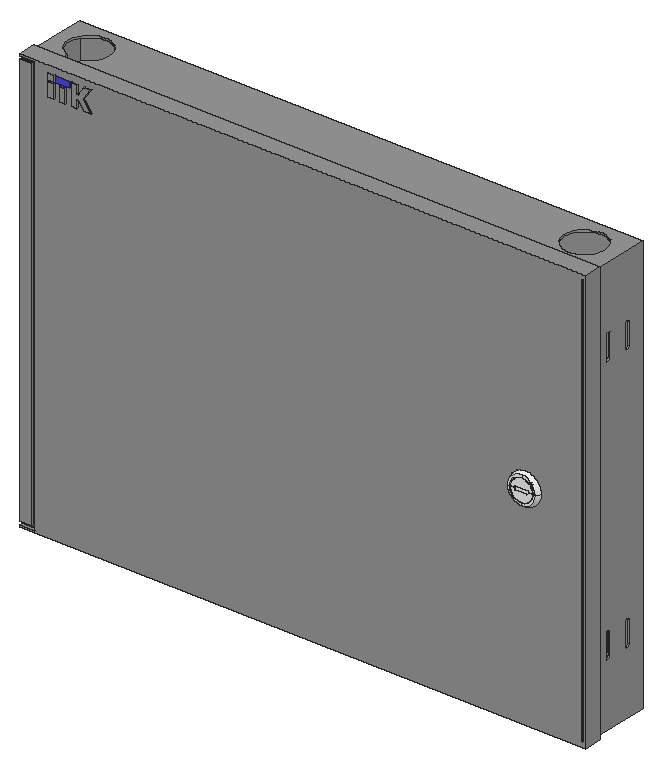
Revit family "ITK_Кросс оптический_Настенный монтаж_IP22", category Обобщенные модели, Revit 2019 (continued)
Automatic sketch dimensions
  Extrusion 44 sketch curve to plane 1 "По центру (Вперед/Назад)" = 17.904 mm
  Extrusion 44 sketch curve to Extrusion 44 sketch curve = 12.182 mm
  plane 4 to Revolve 45 sketch curve = 52.1 mm
  Revolve 45 sketch curve to Revolve 45 sketch curve = 1.028 mm
  Revolve 45 sketch curve to Revolve 45 sketch curve = 0.597 mm
  Revolve 45 sketch curve to Revolve 45 sketch curve = 12.175 mm
  Revolve 45 sketch curve to plane 1 "По центру (Вперед/Назад)" = 28.217 mm
  Revolve 45 sketch curve to Revolve 45 sketch curve = 0.89 mm  (x2)
  Revolve 45 sketch curve to Revolve 45 sketch curve = 1.001 mm
  Revolve 45 sketch curve to Revolve 45 sketch curve = 3.42 mm
  Revolve 45 sketch curve to Revolve 45 sketch curve = 3.711 mm
  Revolve 45 sketch curve to Revolve 45 sketch curve = 1.873 mm
  Revolve 46 sketch curve to plane 1 "По центру (Вперед/Назад)" = 18.932 mm
  plane 4 to Revolve 46 sketch curve = 52.1 mm
  Revolve 46 sketch curve to Revolve 46 sketch curve = 1.028 mm
  Revolve 46 sketch curve to Revolve 46 sketch curve = 0.597 mm
  Revolve 46 sketch curve to Revolve 46 sketch curve = 12.175 mm
  Revolve 46 sketch curve to Revolve 46 sketch curve = 0 mm
  Revolve 46 sketch curve to Revolve 46 sketch curve = 1.001 mm
  Revolve 46 sketch curve to Revolve 46 sketch curve = 0.89 mm
  Revolve 46 sketch curve to Revolve 46 sketch curve = 3.42 mm
  Revolve 46 sketch curve to Revolve 46 sketch curve = 3.711 mm
  Revolve 46 sketch curve to Revolve 46 sketch curve = 1.873 mm
  Extrusion 2 sketch curve to plane 3 "По центру (Влево/Вправо)" = 183.756 mm
  Extrusion 3 sketch curve to plane 3 "По центру (Влево/Вправо)" = 168.725 mm  (x2)
  Extrusion 5 sketch curve to plane 3 "По центру (Влево/Вправо)" = 182.502 mm
  Extrusion 8 sketch curve to plane 3 "По центру (Влево/Вправо)" = 167.6 mm
  Extrusion 8 sketch curve to Extrusion 8 sketch curve = 0 mm
  Extrusion 11 sketch curve to plane 3 "По центру (Влево/Вправо)" = 196 mm
  Extrusion 12 sketch curve to plane 3 "По центру (Влево/Вправо)" = 176.336 mm
  Extrusion 13 sketch curve to plane 3 "По центру (Влево/Вправо)" = 171.027 mm
  Extrusion 1 sketch curve to Extrusion 1 sketch curve = 92 mm
  Extrusion 2 sketch curve to plane 1 "По центру (Вперед/Назад)" = 92 mm
  Extrusion 6 sketch curve to Extrusion 6 sketch curve = 33.037 mm  (x2)
  Extrusion 8 sketch curve to Extrusion 8 sketch curve = 40 mm  (x2)
  Extrusion 11 sketch curve to plane 1 "По центру (Вперед/Назад)" = 52 mm
  Extrusion 2 sketch curve to plane 5 = 39.1 mm
  Extrusion 4 sketch curve to plane 5 = 37.709 mm
  Extrusion 4 sketch curve to Extrusion 4 sketch curve = 3.221 mm
  Extrusion 5 sketch curve to plane 5 = 42 mm
  Extrusion 11 sketch curve to plane 5 = 42.15 mm
  radius of Extrusion 6 sketch curve = 2.063 mm  (x8)
  radius of Extrusion 8 sketch curve = 14.012 mm  (x3)
  radius of Extrusion 10 sketch curve = 7.61 mm
  radius of Extrusion 10 sketch curve = 8.122 mm
  radius of Extrusion 14 sketch curve = 3.75 mm  (x2)
Nested families
  nested 1: "Корпус 52" at (0, 0, 0), visible <- "Корпус 52", type "Корпус 52", detail levels fine
  nested 2: "Корпус 45" at (0, 0, 0), visible <- "Корпус 45", type "Корпус 45", detail levels fine
Definition of nested family "Корпус 52"
  Parameters
    Корпус 94 = yes
  Reference planes
    plane 1 "По центру (Вперед/Назад)": y = 0
    plane 2: z = 0
    plane 3 "По центру (Влево/Вправо)": x = 0
    plane 4: z = 147.95
  Forms (mm)
    Extrusion 1, solid, detail levels fine
      sketch origin (0, 0, 0) x (0, 1, 0) y (0, 0, 1)
        loop
          line (1.2, 291.7) -> (1.2, 290) -> (0, 290) -> (0, 3.4) -> (1.2, 3.4) -> (1.2, 1.7) -> (51.2, 1.7) -> (51.2, 291.7) -> (1.2, 291.7)
      from -195 to 195
    Extrusion 2, void
      sketch origin (0, 0, 0) x (1, 0, 0) y (0, 1, 0)
        loop
          line (-193.8, 50) -> (-193.8, 1.2) -> (-187, 1.2) -> (-187, 0) -> (193.8, 0) -> (193.8, 1.2) -> (193.8, 50) -> (48.8, 50) -> (-193.8, 50)
      from 2.9 to 290.5
    Extrusion 3, void
      sketch origin (0, 0, 0) x (1, 0, 0) y (0, 1, 0)
        loop
          line (-176.25, 17.196) -> (-176.25, 12) -> (-166.75, 12) -> (-166.75, 17.196)
          arc (-166.75, 17.196) -> (-171.5, 44.7) -> (-176.25, 17.196) r 14.162
        loop
          circle (171.5, 30.538) r 14.162
      from 0 to 293.4
    Extrusion 4, void
      sketch origin (0, 0, 0) x (0, 1, 0) y (0, 0, 1)
        loop
          line (14.7, 252.7) -> (14.7, 242.2)
          arc (14.7, 242.2) -> (15.286, 240.786) -> (16.7, 240.2) r 2
          arc (16.7, 240.2) -> (18.114, 240.786) -> (18.7, 242.2) r 2
          line (18.7, 242.2) -> (18.7, 252.7)
          arc (18.7, 252.7) -> (16.7, 254.7) -> (14.7, 252.7) r 2
        loop
          line (36.2, 252.7) -> (36.2, 242.2)
          arc (36.2, 242.2) -> (36.786, 240.786) -> (38.2, 240.2) r 2
          arc (38.2, 240.2) -> (39.614, 240.786) -> (40.2, 242.2) r 2
          line (40.2, 242.2) -> (40.2, 252.7)
          arc (40.2, 252.7) -> (38.2, 254.7) -> (36.2, 252.7) r 2
        loop
          line (36.2, 212.2) -> (36.2, 201.7)
          arc (36.2, 201.7) -> (36.786, 200.286) -> (38.2, 199.7) r 2
          arc (38.2, 199.7) -> (39.614, 200.286) -> (40.2, 201.7) r 2
          line (40.2, 201.7) -> (40.2, 212.2)
          arc (40.2, 212.2) -> (38.2, 214.2) -> (36.2, 212.2) r 2
        loop
          line (14.7, 212.2) -> (14.7, 201.7)
          arc (14.7, 201.7) -> (15.286, 200.286) -> (16.7, 199.7) r 2
          arc (16.7, 199.7) -> (18.114, 200.286) -> (18.7, 201.7) r 2
          line (18.7, 201.7) -> (18.7, 212.2)
          arc (18.7, 212.2) -> (16.7, 214.2) -> (14.7, 212.2) r 2
        loop
          circle (36.72, 163.894) r 2.022
        loop
          circle (22.151, 163.894) r 2.022
        loop
          arc (14.7, 40.715) -> (16.7, 38.715) -> (18.7, 40.715) r 2
          line (18.7, 40.715) -> (18.7, 51.215)
          arc (18.7, 51.215) -> (18.114, 52.629) -> (16.7, 53.215) r 2
          arc (16.7, 53.215) -> (15.286, 52.629) -> (14.7, 51.215) r 2
          line (14.7, 51.215) -> (14.7, 40.715)
        loop
          arc (36.2, 40.715) -> (38.2, 38.715) -> (40.2, 40.715) r 2
          line (40.2, 40.715) -> (40.2, 51.215)
          arc (40.2, 51.215) -> (39.614, 52.629) -> (38.2, 53.215) r 2
          arc (38.2, 53.215) -> (36.786, 52.629) -> (36.2, 51.215) r 2
          line (36.2, 51.215) -> (36.2, 40.715)
        loop
          arc (36.2, 81.215) -> (38.2, 79.215) -> (40.2, 81.215) r 2
          line (40.2, 81.215) -> (40.2, 91.715)
          arc (40.2, 91.715) -> (39.614, 93.129) -> (38.2, 93.715) r 2
          arc (38.2, 93.715) -> (36.786, 93.129) -> (36.2, 91.715) r 2
          line (36.2, 91.715) -> (36.2, 81.215)
        loop
          arc (14.7, 81.215) -> (16.7, 79.215) -> (18.7, 81.215) r 2
          line (18.7, 81.215) -> (18.7, 91.715)
          arc (18.7, 91.715) -> (18.114, 93.129) -> (16.7, 93.715) r 2
          arc (16.7, 93.715) -> (15.286, 93.129) -> (14.7, 91.715) r 2
          line (14.7, 91.715) -> (14.7, 81.215)
        loop
          circle (36.72, 129.521) r 2.022
        loop
          circle (22.151, 129.521) r 2.022
      from -195 to -193.8
    Extrusion 5, void
      sketch origin (0, 0, 0) x (0, 1, 0) y (0, 0, 1)
        loop
          arc (40.2, 246.7) -> (38.2, 248.7) -> (36.2, 246.7) r 2
          line (36.2, 246.7) -> (36.2, 231.7)
          arc (36.2, 231.7) -> (38.2, 229.7) -> (40.2, 231.7) r 2
          line (40.2, 231.7) -> (40.2, 246.7)
        loop
          arc (23.2, 246.7) -> (21.2, 248.7) -> (19.2, 246.7) r 2
          line (19.2, 246.7) -> (19.2, 231.7)
          arc (19.2, 231.7) -> (21.2, 229.7) -> (23.2, 231.7) r 2
          line (23.2, 231.7) -> (23.2, 246.7)
        loop
          arc (40.2, 61.7) -> (38.2, 63.7) -> (36.2, 61.7) r 2
          line (36.2, 61.7) -> (36.2, 46.7)
          arc (36.2, 46.7) -> (38.2, 44.7) -> (40.2, 46.7) r 2
          line (40.2, 46.7) -> (40.2, 61.7)
        loop
          arc (23.2, 61.7) -> (21.2, 63.7) -> (19.2, 61.7) r 2
          line (19.2, 61.7) -> (19.2, 46.7)
          arc (19.2, 46.7) -> (21.2, 44.7) -> (23.2, 46.7) r 2
          line (23.2, 46.7) -> (23.2, 61.7)
      from 193.8 to 195
    Extrusion 6, solid
      sketch origin (0, 0, 0) x (1, 0, 0) y (0, 0, 1)
        loop
          line (196.7, 293.4) -> (-195, 293.4) -> (-195, 292.2) -> (-185, 292.2) -> (-185, 1.2) -> (-195, 1.2) -> (-195, 0) -> (196.7, 0) -> (196.7, 293.4)
      from -12 to 0
    Extrusion 7, void
      sketch origin (0, 0, 0) x (1, 0, 0) y (0, 0, 1)
        loop
          line (167.875, 263.825) -> (167.875, 251.948)
          arc (167.875, 251.948) -> (165.959, 250.197) -> (165.25, 247.7) r 4.75
          arc (165.25, 247.7) -> (170, 242.95) -> (174.75, 247.7) r 4.75
          arc (174.75, 247.7) -> (174.041, 250.197) -> (172.125, 251.948) r 4.75
          line (172.125, 251.948) -> (172.125, 263.825)
          arc (172.125, 263.825) -> (170, 265.95) -> (167.875, 263.825) r 2.125
        loop
          line (-172.125, 263.825) -> (-172.125, 251.948)
          arc (-172.125, 251.948) -> (-174.041, 250.197) -> (-174.75, 247.7) r 4.75
          arc (-174.75, 247.7) -> (-170, 242.95) -> (-165.25, 247.7) r 4.75
          arc (-165.25, 247.7) -> (-165.959, 250.197) -> (-167.875, 251.948) r 4.75
          line (-167.875, 251.948) -> (-167.875, 263.825)
          arc (-167.875, 263.825) -> (-170, 265.95) -> (-172.125, 263.825) r 2.125
        loop
          line (167.875, 41.452) -> (167.875, 29.575)
          arc (167.875, 29.575) -> (170, 27.45) -> (172.125, 29.575) r 2.125
          line (172.125, 29.575) -> (172.125, 41.452)
          arc (172.125, 41.452) -> (174.041, 43.203) -> (174.75, 45.7) r 4.75
          arc (174.75, 45.7) -> (170, 50.45) -> (165.25, 45.7) r 4.75
          arc (165.25, 45.7) -> (165.959, 43.203) -> (167.875, 41.452) r 4.75
        loop
          line (-172.125, 41.452) -> (-172.125, 29.575)
          arc (-172.125, 29.575) -> (-170, 27.45) -> (-167.875, 29.575) r 2.125
          line (-167.875, 29.575) -> (-167.875, 41.452)
          arc (-167.875, 41.452) -> (-165.959, 43.203) -> (-165.25, 45.7) r 4.75
          arc (-165.25, 45.7) -> (-170, 50.45) -> (-174.75, 45.7) r 4.75
          arc (-174.75, 45.7) -> (-174.041, 43.203) -> (-172.125, 41.452) r 4.75
      from -51.2 to -50
    Revolve 8, solid, visible <- "Корпус 94", detail levels fine
      sketch origin (0.85, 0, 146.7) x (1, 0, 0) y (0, 1, 0)
        loop
          line (144.249, -3) -> (153.85, -3) -> (153.85, 0) -> (142.85, 0) -> (144.249, -3)
        axis (153.85, -3) -> (153.85, 0)
      angle from 0 to 360
    Extrusion 9, void
      sketch origin (0.85, 0, 0) x (1, 0, 0) y (0, 0, 1)
        loop
          line (149.1, 147.95) -> (149.1, 145.45) -> (158.6, 145.45) -> (158.6, 147.95) -> (149.1, 147.95)
        loop
          circle (153.85, 146.7) r 7.61
        loop
          circle (153.85, 146.7) r 8.122
      from 2.8 to 3.773
    Extrusion 10, solid, detail levels fine
      sketch origin (-163.421, 0, 273.695) x (1, 0, 0) y (0, 0, 1)
        loop
          line (-12.079, 9.404) -> (-12.079, 0) -> (-7.968, 0) -> (-7.968, 9.404) -> (-12.079, 9.404)
        loop
          line (0.039, 9.404) -> (-3.833, 9.404) -> (-3.833, 0) -> (0.039, 0) -> (0.039, 9.404)
        loop
          line (-12.079, 10.715) -> (-7.968, 10.715) -> (-7.968, 14.705) -> (-12.079, 14.705) -> (-12.079, 10.715)
        loop
          line (4.261, 14.705) -> (4.261, 0) -> (8.136, 0) -> (8.136, 5.514) -> (9.618, 5.514) -> (13.199, 0) -> (17.921, 0) -> (12.571, 7.364) -> (17.921, 14.705) -> (13.199, 14.705) -> (9.618, 9.191) -> (8.136, 9.191) -> (8.136, 14.705) -> (4.261, 14.705)
      from 0 to 0.554
    Extrusion 11, solid, detail levels fine
      sketch origin (-163.418, 0, 260.141) x (1, 0, 0) y (0, 0, 1)
        loop
          line (-6.771, 28.259) -> (-6.771, 24.27) -> (2.977, 24.27) -> (2.977, 28.259) -> (-6.771, 28.259)
      from 0 to 0.554
  Cuts and joins
    Extrusion 2, Extrusion 3, Extrusion 4, Extrusion 5, Extrusion 7 cuts Extrusion 1
    Extrusion 7 cuts Extrusion 6
    Extrusion 9 cuts Revolve 8
  Dimensions and locks
    aligned and locked: level to plane 2
    aligned and locked: Extrusion 6 sketch curve to level
Definition of nested family "Корпус 45"
  Reference planes
    plane 1 "По центру (Вперед/Назад)": y = 0
    plane 2: z = 0
    plane 3 "По центру (Влево/Вправо)": x = 0
    plane 4: x = 72
    plane 5: z = 105
  Forms (mm)
    Extrusion 1, solid
      sketch origin (0, 0, 0) x (0, 1, 0) y (0, 0, 1)
        loop
          line (2, 185) -> (2, 5) -> (2, 3) -> (45, 3) -> (45, 185) -> (2, 185)
      from -91 to 91
    Extrusion 2, void
      sketch origin (0, 0, 0) x (1, 0, 0) y (0, 1, 0)
        loop
          line (-89, 43) -> (-89, 13) -> (-91, 13) -> (-91, 2) -> (89, 2) -> (89, 43) -> (-89, 43)
      from 5 to 183
    Extrusion 3, void
      sketch origin (0, 0, 0) x (1, 0, 0) y (0, 1, 0)
        loop
          line (-52.1, 37.15) -> (-52.1, 9.85) -> (52.1, 9.85) -> (52.1, 37.15) -> (-52.1, 37.15)
        loop
          circle (-79.777, 30.216) r 7.736
        loop
          circle (-58.18, 23.415) r 3.768
        loop
          circle (58.263, 23.46) r 3.74
      from 183 to 185
    Extrusion 4, void
      sketch origin (0, 0, 0) x (1, 0, 0) y (0, 0, 1)
        loop
          line (48, 149.25) -> (48, 138.75)
          arc (48, 138.75) -> (50, 136.75) -> (52, 138.75) r 2
          line (52, 138.75) -> (52, 149.25)
          arc (52, 149.25) -> (50, 151.25) -> (48, 149.25) r 2
        loop
          line (-52, 149.25) -> (-52, 138.75)
          arc (-52, 138.75) -> (-50, 136.75) -> (-48, 138.75) r 2
          line (-48, 138.75) -> (-48, 149.25)
          arc (-48, 149.25) -> (-50, 151.25) -> (-52, 149.25) r 2
        loop
          line (48, 49.25) -> (48, 38.75)
          arc (48, 38.75) -> (50, 36.75) -> (52, 38.75) r 2
          line (52, 38.75) -> (52, 49.25)
          arc (52, 49.25) -> (50, 51.25) -> (48, 49.25) r 2
        loop
          line (-52, 49.25) -> (-52, 38.75)
          arc (-52, 38.75) -> (-50, 36.75) -> (-48, 38.75) r 2
          line (-48, 38.75) -> (-48, 49.25)
          arc (-48, 49.25) -> (-50, 51.25) -> (-52, 49.25) r 2
        loop
          circle (52.962, 109.846) r 1.781
        loop
          circle (25.986, 109.846) r 1.781
        loop
          circle (25.986, 74.033) r 1.781
        loop
          circle (52.917, 74.033) r 1.781
        loop
          circle (0, 143.984) r 2.004
        loop
          circle (0, 150.987) r 2.004
        loop
          circle (0, 44.015) r 2.004
        loop
          circle (0, 37.039) r 2.004
        loop
          circle (-49.97, 94.002) r 2.004
        loop
          circle (-56.995, 94.002) r 2.004
      from -45 to -43
    Extrusion 5, void
      sketch origin (0, 0, 0) x (0, 1, 0) y (0, 0, 1)
        loop
          line (20, 127) -> (20, 116.5)
          arc (20, 116.5) -> (20.586, 115.086) -> (22, 114.5) r 2
          arc (22, 114.5) -> (23.414, 115.086) -> (24, 116.5) r 2
          line (24, 116.5) -> (24, 127)
          arc (24, 127) -> (22, 129) -> (20, 127) r 2
        loop
          line (34, 127) -> (34, 116.5)
          arc (34, 116.5) -> (34.586, 115.086) -> (36, 114.5) r 2
          arc (36, 114.5) -> (37.414, 115.086) -> (38, 116.5) r 2
          line (38, 116.5) -> (38, 127)
          arc (38, 127) -> (36, 129) -> (34, 127) r 2
        loop
          line (34, 92) -> (34, 81.5)
          arc (34, 81.5) -> (34.586, 80.086) -> (36, 79.5) r 2
          arc (36, 79.5) -> (37.414, 80.086) -> (38, 81.5) r 2
          line (38, 81.5) -> (38, 92)
          arc (38, 92) -> (36, 94) -> (34, 92) r 2
        loop
          line (20, 92) -> (20, 81.5)
          arc (20, 81.5) -> (20.586, 80.086) -> (22, 79.5) r 2
          arc (22, 79.5) -> (23.414, 80.086) -> (24, 81.5) r 2
          line (24, 81.5) -> (24, 92)
          arc (24, 92) -> (22, 94) -> (20, 92) r 2
        loop
          circle (35.947, 56.464) r 1.971
        loop
          circle (29.026, 15.725) r 7.716
        loop
          circle (21.98, 56.464) r 1.971
      from -91 to -89
    Extrusion 6, solid
      sketch origin (0, 0, 0) x (1, 0, 0) y (0, 1, 0)
        loop
          line (-89, 9.5) -> (-89, 11) -> (-91, 11) -> (-91, 9.5) -> (-91, 0) -> (94, 0) -> (94, 9.5) -> (-89, 9.5)
      from 0 to 205
    Extrusion 7, void
      sketch origin (0, 0, 0) x (1, 0, 0) y (0, 0, 1)
        loop
          line (-74, 181) -> (-74, 205) -> (-91, 205) -> (-91, 183) -> (-80, 183) -> (-80, 181) -> (-74, 181)
        loop
          line (-91, 5) -> (-91, 0) -> (-74, 0) -> (-74, 7) -> (-80, 7) -> (-80, 5) -> (-91, 5)
      from -13 to 0
    Extrusion 8, void
      sketch origin (0, 0, 0) x (1, 0, 0) y (0, 1, 0)
        loop
          line (92, 2) -> (92, 9.5) -> (-74, 9.5) -> (-74, 2) -> (92, 2)
      from 0 to 205
    Revolve 9, solid
      sketch origin (0, 0, 105) x (1, 0, 0) y (0, 1, 0)
        loop
          line (64.548, -7) -> (65.98, -7) -> (65.98, -2) -> (66.818, -2) -> (66.818, -7) -> (68.5, -7) -> (72, -7) -> (72, 0) -> (62, 0) -> (64.548, -7)
        axis (72, -7) -> (72, 0)
      angle from 0 to 360
    Extrusion 10, solid, detail levels fine
      sketch origin (-54.866, 0, 185.273) x (1, 0, 0) y (0, 0, 1)
        loop
          line (-12.079, 9.404) -> (-12.079, 0) -> (-7.968, 0) -> (-7.968, 9.404) -> (-12.079, 9.404)
        loop
          line (0.039, 9.404) -> (-3.833, 9.404) -> (-3.833, 0) -> (0.039, 0) -> (0.039, 9.404)
        loop
          line (-12.079, 10.715) -> (-7.968, 10.715) -> (-7.968, 14.705) -> (-12.079, 14.705) -> (-12.079, 10.715)
        loop
          line (4.261, 14.705) -> (4.261, 0) -> (8.136, 0) -> (8.136, 5.514) -> (9.618, 5.514) -> (13.199, 0) -> (17.921, 0) -> (12.571, 7.364) -> (17.921, 14.705) -> (13.199, 14.705) -> (9.618, 9.191) -> (8.136, 9.191) -> (8.136, 14.705) -> (4.261, 14.705)
      from 0 to 0.554
    Extrusion 11, solid, detail levels fine
      sketch origin (-54.863, 0, 171.719) x (1, 0, 0) y (0, 0, 1)
        loop
          line (-6.771, 28.259) -> (-6.771, 24.27) -> (2.977, 24.27) -> (2.977, 28.259) -> (-6.771, 28.259)
      from 0 to 0.554
  Cuts and joins
    Extrusion 2, Extrusion 3, Extrusion 4, Extrusion 5 cuts Extrusion 1
    Extrusion 7, Extrusion 8 cuts Extrusion 6
  Dimensions and locks
    aligned and locked: level to plane 2
    aligned and locked: Extrusion 1 to Extrusion 2 sketch curve
    aligned and locked: Extrusion 2 sketch curve to Extrusion 1
    aligned and locked: Extrusion 6 sketch curve to plane 1 "По центру (Вперед/Назад)"
    aligned and locked: Extrusion 7 sketch curve to Extrusion 6  (x2)
    aligned and locked: Extrusion 6 to Extrusion 7 sketch curve  (x2)
    aligned and locked: Extrusion 7 sketch curve to cut or joined group of Extrusion 1, Extrusion 2, Extrusion 3, Extrusion 4, Extrusion 5
    aligned and locked: cut or joined group of Extrusion 1, Extrusion 2, Extrusion 3, Extrusion 4, Extrusion 5 to Extrusion 8 sketch curve
    aligned and locked: cut or joined group of Extrusion 6, Extrusion 7, Extrusion 8 to Extrusion 8 sketch curve  (x2)
    aligned and locked: Revolve 9 sketch curve to Revolve 9 sketch curve
Types (60, lengths in mm): name | Ширина | Панель для адаптеров | Глубина | Высота | IEK_Цена за единицу | IEK_URL | ADSK_Наименование | ADSK_Масса | ADSK_Код изделия | Корпус 52 | Корпус 94 | 8 адаптеров | 4 адаптера | Корпус 45
  Кросс настенный укомплектованный_LC_duplex_ 12шт_OM3 | 392 | no | 52 | 294 | 12775.3 | "https://www.itk-group.ru/produktsiya/catalog/oborudovanie_telekommunikatsionnoe/komponenty_sks_opticheskie/komponenty_sks_opticheskie/opticheskie_nastennye_krossy_ukomplektovannye/itk_opticheskiy_nastennyy_raspredelitelnyy_kross_ukomplektovannyy_lc_duplex_12sht_om3" | "ITK Оптический настенный распределительный кросс укомплектованный: LC (duplex) 12шт;  (OM3)" | 2.5 | "FOBX16-N-12LCUD03" | yes | no | no | no | no
  Кросс настенный укомплектованный_LC_duplex_ 12шт_OM4 | 392 | no | 52 | 294 | 13912.27 | "https://www.itk-group.ru/produktsiya/catalog/oborudovanie_telekommunikatsionnoe/komponenty_sks_opticheskie/komponenty_sks_opticheskie/opticheskie_nastennye_krossy_ukomplektovannye/itk_opticheskiy_nastennyy_raspredelitelnyy_kross_ukomplektovannyy_lc_duplex_12sht_om4" | "ITK Оптический настенный распределительный кросс укомплектованный: LC (duplex) 12шт;  (OM4)" | 2.5 | "FOBX16-N-12LCUD04" | yes | no | no | no | no
  Кросс настенный укомплектованный_LC_duplex_ 12шт_OS2 | 392 | no | 52 | 294 | 11386.18 | "https://www.itk-group.ru/produktsiya/catalog/oborudovanie_telekommunikatsionnoe/komponenty_sks_opticheskie/komponenty_sks_opticheskie/opticheskie_nastennye_krossy_ukomplektovannye/itk_opticheskiy_nastennyy_raspredelitelnyy_kross_ukomplektovannyy_lc_duplex_12sht_os2" | "ITK Оптический настенный распределительный кросс укомплектованный: LC (duplex) 12шт;  (OS2)" | 2.5 | "FOBX16-N-12LCUD09" | yes | no | no | no | no
  Кросс настенный укомплектованный_LC_duplex_ 12шт_OM2 | 392 | no | 52 | 294 | 11613.89 | "https://www.itk-group.ru/produktsiya/catalog/oborudovanie_telekommunikatsionnoe/komponenty_sks_opticheskie/komponenty_sks_opticheskie/opticheskie_nastennye_krossy_ukomplektovannye/itk_opticheskiy_nastennyy_raspredelitelnyy_kross_ukomplektovannyy_lc_duplex_12sht_om2" | "ITK Оптический настенный распределительный кросс укомплектованный: LC (duplex) 12шт;  (OM2)" | 2.5 | "FOBX16-N-12LCUD50" | yes | no | no | no | no
  Кросс настенный укомплектованный_SC_Simplex_ 12шт_OM3 | 392 | no | 52 | 294 | 5871.07 | "https://www.itk-group.ru/produktsiya/catalog/oborudovanie_telekommunikatsionnoe/komponenty_sks_opticheskie/komponenty_sks_opticheskie/opticheskie_nastennye_krossy_ukomplektovannye/itk_opticheskiy_nastennyy_raspredelitelnyy_kross_ukomplektovannyy_sc_simplex_12sht_om3" | "ITK Оптический настенный распределительный кросс укомплектованный: SC (Simplex) 12шт;  (OM3)" | 2.5 | "FOBX16-N-12SCUS03" | yes | no | no | no | no
  Кросс настенный укомплектованный_SC_Simplex_ 12шт_OM4 | 392 | no | 52 | 294 | 6458.2 | "https://www.itk-group.ru/produktsiya/catalog/oborudovanie_telekommunikatsionnoe/komponenty_sks_opticheskie/komponenty_sks_opticheskie/opticheskie_nastennye_krossy_ukomplektovannye/itk_opticheskiy_nastennyy_raspredelitelnyy_kross_ukomplektovannyy_sc_simplex_12sht_om4" | "ITK Оптический настенный распределительный кросс укомплектованный: SC (Simplex) 12шт;  (OM4)" | 2.5 | "FOBX16-N-12SCUS04" | yes | no | no | no | no
  Кросс настенный укомплектованный_SC_Simplex_12шт_OS2 | 392 | no | 52 | 294 | 5150.06 | "https://www.itk-group.ru/produktsiya/catalog/oborudovanie_telekommunikatsionnoe/komponenty_sks_opticheskie/komponenty_sks_opticheskie/opticheskie_nastennye_krossy_ukomplektovannye/itk_opticheskiy_nastennyy_raspredelitelnyy_kross_ukomplektovannyy_sc_simplex_12sht_os2" | "ITK Оптический настенный распределительный кросс укомплектованный: SC (Simplex) 12шт;  (OS2)" | 2.5 | "FOBX16-N-12SCUS09" | yes | no | no | no | no
  Кросс настенный укомплектованный_SC_Simplex_ 12шт_OM2 | 392 | no | 52 | 294 | 5150.06 | "https://www.itk-group.ru/produktsiya/catalog/oborudovanie_telekommunikatsionnoe/komponenty_sks_opticheskie/komponenty_sks_opticheskie/opticheskie_nastennye_krossy_ukomplektovannye/itk_opticheskiy_nastennyy_raspredelitelnyy_kross_ukomplektovannyy_sc_simplex_12sht_om2" | "ITK Оптический настенный распределительный кросс укомплектованный: SC (Simplex) 12шт;  (OM2)" | 2.5 | "FOBX16-N-12SCUS50" | yes | no | no | no | no
  Кросс настенный укомплектованный_LC_duplex_ 16шт_OM3 | 392 | no | 52 | 294 | 16188.67 | "https://www.itk-group.ru/produktsiya/catalog/oborudovanie_telekommunikatsionnoe/komponenty_sks_opticheskie/komponenty_sks_opticheskie/opticheskie_nastennye_krossy_ukomplektovannye/itk_opticheskiy_nastennyy_raspredelitelnyy_kross_ukomplektovannyy_lc_duplex_16sht_om3" | "ITK Оптический настенный распределительный кросс укомплектованный: LC (duplex) 16шт;  (OM3)" | 2.5 | "FOBX16-N-16LCUD03" | yes | no | no | no | no
  Кросс настенный укомплектованный_LC_duplex_ 16шт_OM4 | 392 | no | 52 | 294 | 17515 | "https://www.itk-group.ru/produktsiya/catalog/oborudovanie_telekommunikatsionnoe/komponenty_sks_opticheskie/komponenty_sks_opticheskie/opticheskie_nastennye_krossy_ukomplektovannye/itk_opticheskiy_nastennyy_raspredelitelnyy_kross_ukomplektovannyy_lc_duplex_16sht_om4" | "ITK Оптический настенный распределительный кросс укомплектованный: LC (duplex) 16шт;  (OM4)" | 2.5 | "FOBX16-N-16LCUD04" | yes | no | no | no | no
  Кросс настенный укомплектованный_LC_duplex_ 16шт_OS2 | 392 | no | 52 | 294 | 14428.42 | "https://www.itk-group.ru/produktsiya/catalog/oborudovanie_telekommunikatsionnoe/komponenty_sks_opticheskie/komponenty_sks_opticheskie/opticheskie_nastennye_krossy_ukomplektovannye/itk_opticheskiy_nastennyy_raspredelitelnyy_kross_ukomplektovannyy_lc_duplex_16sht_os2" | "ITK Оптический настенный распределительный кросс укомплектованный: LC (duplex) 16шт;  (OS2)" | 2.5 | "FOBX16-N-16LCUD09" | yes | no | no | no | no
  Кросс настенный укомплектованный_LC_duplex_ 16шт_OM2 | 392 | no | 52 | 294 | 14716.99 | "https://www.itk-group.ru/produktsiya/catalog/oborudovanie_telekommunikatsionnoe/komponenty_sks_opticheskie/komponenty_sks_opticheskie/opticheskie_nastennye_krossy_ukomplektovannye/itk_opticheskiy_nastennyy_raspredelitelnyy_kross_ukomplektovannyy_lc_duplex_16sht_om2" | "ITK Оптический настенный распределительный кросс укомплектованный: LC (duplex) 16шт;  (OM2)" | 2.5 | "FOBX16-N-16LCUD50" | yes | no | no | no | no
  Кросс настенный укомплектованный_SC_Simplex_ 16шт_OM3 | 392 | no | 52 | 294 | 6862.15 | "https://www.itk-group.ru/produktsiya/catalog/oborudovanie_telekommunikatsionnoe/komponenty_sks_opticheskie/komponenty_sks_opticheskie/opticheskie_nastennye_krossy_ukomplektovannye/itk_opticheskiy_nastennyy_raspredelitelnyy_kross_ukomplektovannyy_sc_simplex_16sht_om3" | "ITK Оптический настенный распределительный кросс укомплектованный: SC (Simplex) 16шт;  (OM3)" | 2.5 | "FOBX16-N-16SCUS03" | yes | no | no | no | no
  Кросс настенный укомплектованный_SC_Simplex_ 16шт_OM4 | 392 | no | 52 | 294 | 7548.36 | "https://www.itk-group.ru/produktsiya/catalog/oborudovanie_telekommunikatsionnoe/komponenty_sks_opticheskie/komponenty_sks_opticheskie/opticheskie_nastennye_krossy_ukomplektovannye/itk_opticheskiy_nastennyy_raspredelitelnyy_kross_ukomplektovannyy_sc_simplex_16sht_om4" | "ITK Оптический настенный распределительный кросс укомплектованный: SC (Simplex) 16шт;  (OM4)" | 2.5 | "FOBX16-N-16SCUS04" | yes | no | no | no | no
  Кросс настенный укомплектованный_SC_Simplex_ 16шт_OS2 | 392 | no | 52 | 294 | 5802.96 | "https://www.itk-group.ru/produktsiya/catalog/oborudovanie_telekommunikatsionnoe/komponenty_sks_opticheskie/komponenty_sks_opticheskie/opticheskie_nastennye_krossy_ukomplektovannye/itk_opticheskiy_nastennyy_raspredelitelnyy_kross_ukomplektovannyy_sc_simplex_16sht_os2" | "ITK Оптический настенный распределительный кросс укомплектованный: SC (Simplex) 16шт;  (OS2)" | 2.5 | "FOBX16-N-16SCUS09" | yes | no | no | no | no
  Кросс настенный укомплектованный_SC_Simplex_ 16шт_OM2 | 392 | no | 52 | 294 | 5915.65 | "https://www.itk-group.ru/produktsiya/catalog/oborudovanie_telekommunikatsionnoe/komponenty_sks_opticheskie/komponenty_sks_opticheskie/opticheskie_nastennye_krossy_ukomplektovannye/itk_opticheskiy_nastennyy_raspredelitelnyy_kross_ukomplektovannyy_sc_simplex_16sht_om2" | "ITK Оптический настенный распределительный кросс укомплектованный: SC (Simplex) 16шт;  (OM2)" | 2.5 | "FOBX16-N-16SCUS50" | yes | no | no | no | no
  Кросс настенный укомплектованный_SC_duplex 8шт_OM3 | 392 | no | 52 | 294 | 6862.15 | "https://www.itk-group.ru/produktsiya/catalog/oborudovanie_telekommunikatsionnoe/komponenty_sks_opticheskie/komponenty_sks_opticheskie/opticheskie_nastennye_krossy_ukomplektovannye/itk_opticheskiy_nastennyy_raspredelitelnyy_kross_ukomplektovannyy_sc_duplex_8sht_om3" | "ITK Оптический настенный распределительный кросс укомплектованный: SC (duplex) 8шт;  (OM3)" | 2.5 | "FOBX16-N-8SCUD03" | yes | no | no | no | no
  Кросс настенный укомплектованный_SC _duplex_ 8шт_OM4 | 392 | no | 52 | 294 | 7548.36 | "https://www.itk-group.ru/produktsiya/catalog/oborudovanie_telekommunikatsionnoe/komponenty_sks_opticheskie/komponenty_sks_opticheskie/opticheskie_nastennye_krossy_ukomplektovannye/itk_opticheskiy_nastennyy_raspredelitelnyy_kross_ukomplektovannyy_sc_duplex_8sht_om4" | "ITK Оптический настенный распределительный кросс укомплектованный: SC (duplex) 8шт;  (OM4)" | 2.5 | "FOBX16-N-8SCUD04" | yes | no | no | no | no
  Кросс настенный укомплектованный_SC _duplex_ 8шт_OS2 | 392 | no | 52 | 294 | 5915.65 | "https://www.itk-group.ru/produktsiya/catalog/oborudovanie_telekommunikatsionnoe/komponenty_sks_opticheskie/komponenty_sks_opticheskie/opticheskie_nastennye_krossy_ukomplektovannye/itk_opticheskiy_nastennyy_raspredelitelnyy_kross_ukomplektovannyy_sc_duplex_8sht_os2" | "ITK Оптический настенный распределительный кросс укомплектованный: SC (duplex) 8шт;  (OS2)" | 2.5 | "FOBX16-N-8SCUD09" | yes | no | no | no | no
  Кросс настенный укомплектованный_SC _duplex_ 8шт_OM2 | 392 | no | 52 | 294 | 5915.65 | "https://www.itk-group.ru/produktsiya/catalog/oborudovanie_telekommunikatsionnoe/komponenty_sks_opticheskie/komponenty_sks_opticheskie/opticheskie_nastennye_krossy_ukomplektovannye/itk_opticheskiy_nastennyy_raspredelitelnyy_kross_ukomplektovannyy_sc_duplex_8sht_om2" | "ITK Оптический настенный распределительный кросс укомплектованный: SC (duplex) 8шт;  (OM2)" | 2.5 | "FOBX16-N-8SCUD50" | yes | no | no | no | no
  Кросс настенный укомплектованный_SC _duplex_ 12шт_OM3 | 392 | no | 52 | 294 | 9770.45 | "https://www.itk-group.ru/produktsiya/catalog/oborudovanie_telekommunikatsionnoe/komponenty_sks_opticheskie/komponenty_sks_opticheskie/opticheskie_nastennye_krossy_ukomplektovannye/itk_opticheskiy_nastennyy_raspredelitelnyy_kross_ukomplektovannyy_sc_duplex_12sht_om3" | "ITK Оптический настенный распределительный кросс укомплектованный: SC (duplex) 12шт;  (OM3)" | 2.5 | "FOBX24-N-12SCUD03" | yes | no | no | no | no
  Кросс настенный укомплектованный_SC _duplex_ 12шт_OM4 | 392 | no | 52 | 294 | 10624.2 | "https://www.itk-group.ru/produktsiya/catalog/oborudovanie_telekommunikatsionnoe/komponenty_sks_opticheskie/komponenty_sks_opticheskie/opticheskie_nastennye_krossy_ukomplektovannye/itk_opticheskiy_nastennyy_raspredelitelnyy_kross_ukomplektovannyy_sc_duplex_12sht_om4" | "ITK Оптический настенный распределительный кросс укомплектованный: SC (duplex) 12шт;  (OM4)" | 2.5 | "FOBX24-N-12SCUD04" | yes | no | no | no | no
  Кросс настенный укомплектованный_SC _duplex_ 12шт_OS2 | 392 | no | 52 | 294 | 8749.94 | "https://www.itk-group.ru/produktsiya/catalog/oborudovanie_telekommunikatsionnoe/komponenty_sks_opticheskie/komponenty_sks_opticheskie/opticheskie_nastennye_krossy_ukomplektovannye/itk_opticheskiy_nastennyy_raspredelitelnyy_kross_ukomplektovannyy_sc_duplex_12sht_os2" | "ITK Оптический настенный распределительный кросс укомплектованный: SC (duplex) 12шт;  (OS2)" | 2.5 | "FOBX24-N-12SCUD09" | yes | no | no | no | no
  Кросс настенный укомплектованный_SC _duplex_ 12шт_OM2 | 392 | no | 52 | 294 | 8177.51 | "https://www.itk-group.ru/produktsiya/catalog/oborudovanie_telekommunikatsionnoe/komponenty_sks_opticheskie/komponenty_sks_opticheskie/opticheskie_nastennye_krossy_ukomplektovannye/itk_opticheskiy_nastennyy_raspredelitelnyy_kross_ukomplektovannyy_sc_duplex_12sht_om2" | "ITK Оптический настенный распределительный кросс укомплектованный: SC (duplex) 12шт;  (OM2)" | 2.5 | "FOBX24-N-12SCUD50" | yes | no | no | no | no
  Кросс настенный укомплектованный_LC_duplex_ 20шт_OM3 | 392 | no | 94 | 294 | 20200.48 | "https://www.itk-group.ru/produktsiya/catalog/oborudovanie_telekommunikatsionnoe/komponenty_sks_opticheskie/komponenty_sks_opticheskie/opticheskie_nastennye_krossy_ukomplektovannye/itk_opticheskiy_nastennyy_raspredelitelnyy_kross_ukomplektovannyy_lc_duplex_20sht_om3" | "ITK Оптический настенный распределительный кросс укомплектованный: LC (duplex) 20шт;  (OM3)" | 2.5 | "FOBX24-N-20LCUD03" | no | yes | no | no | no
  Кросс настенный укомплектованный_LC_duplex_ 20шт_OM4 | 392 | no | 94 | 294 | 22054.12 | "https://www.itk-group.ru/produktsiya/catalog/oborudovanie_telekommunikatsionnoe/komponenty_sks_opticheskie/komponenty_sks_opticheskie/opticheskie_nastennye_krossy_ukomplektovannye/itk_opticheskiy_nastennyy_raspredelitelnyy_kross_ukomplektovannyy_lc_duplex_20sht_om4" | "ITK Оптический настенный распределительный кросс укомплектованный: LC (duplex) 20шт;  (OM4)" | 2.5 | "FOBX24-N-20LCUD04" | no | yes | no | no | no
  Кросс настенный укомплектованный_LC_duplex_ 20шт_OS2 | 392 | no | 94 | 294 | 18003.94 | "https://www.itk-group.ru/produktsiya/catalog/oborudovanie_telekommunikatsionnoe/komponenty_sks_opticheskie/komponenty_sks_opticheskie/opticheskie_nastennye_krossy_ukomplektovannye/itk_opticheskiy_nastennyy_raspredelitelnyy_kross_ukomplektovannyy_lc_duplex_20sht_os2" | "ITK Оптический настенный распределительный кросс укомплектованный: LC (duplex) 20шт;  (OS2)" | 2.5 | "FOBX24-N-20LCUD09" | no | yes | no | no | no
  Кросс настенный укомплектованный_LC_duplex_ 20шт_OM2 | 392 | no | 94 | 294 | 18364.03 | "https://www.itk-group.ru/produktsiya/catalog/oborudovanie_telekommunikatsionnoe/komponenty_sks_opticheskie/komponenty_sks_opticheskie/opticheskie_nastennye_krossy_ukomplektovannye/itk_opticheskiy_nastennyy_raspredelitelnyy_kross_ukomplektovannyy_lc_duplex_20sht_om2" | "ITK Оптический настенный распределительный кросс укомплектованный: LC (duplex) 20шт;  (OM2)" | 2.5 | "FOBX24-N-20LCUD50" | no | yes | no | no | no
  Кросс настенный укомплектованный_SC_Simplex_ 20шт_OM3 | 392 | no | 94 | 294 | 8562.65 | "https://www.itk-group.ru/produktsiya/catalog/oborudovanie_telekommunikatsionnoe/komponenty_sks_opticheskie/komponenty_sks_opticheskie/opticheskie_nastennye_krossy_ukomplektovannye/itk_opticheskiy_nastennyy_raspredelitelnyy_kross_ukomplektovannyy_sc_simplex_20sht_om3" | "ITK Оптический настенный распределительный кросс укомплектованный: SC (Simplex) 20шт;  (OM3)" | 2.5 | "FOBX24-N-20SCUS03" | no | yes | no | no | no
  Кросс настенный укомплектованный_SC_Simplex_ 20шт_OM4 | 392 | no | 94 | 294 | 9504.58 | "https://www.itk-group.ru/produktsiya/catalog/oborudovanie_telekommunikatsionnoe/komponenty_sks_opticheskie/komponenty_sks_opticheskie/opticheskie_nastennye_krossy_ukomplektovannye/itk_opticheskiy_nastennyy_raspredelitelnyy_kross_ukomplektovannyy_sc_simplex_20sht_om4" | "ITK Оптический настенный распределительный кросс укомплектованный: SC (Simplex) 20шт;  (OM4)" | 2.5 | "FOBX24-N-20SCUS04" | no | yes | no | no | no
  Кросс настенный укомплектованный_SC_Simplex_ 20шт_OS2 | 392 | no | 94 | 294 | 7381.62 | "https://www.itk-group.ru/produktsiya/catalog/oborudovanie_telekommunikatsionnoe/komponenty_sks_opticheskie/komponenty_sks_opticheskie/opticheskie_nastennye_krossy_ukomplektovannye/itk_opticheskiy_nastennyy_raspredelitelnyy_kross_ukomplektovannyy_sc_simplex_20sht_os2" | "ITK Оптический настенный распределительный кросс укомплектованный: SC (Simplex) 20шт;  (OS2)" | 2.5 | "FOBX24-N-20SCUS09" | no | yes | no | no | no
  Кросс настенный укомплектованный_SC_Simplex_ 20шт_OM2 | 392 | no | 94 | 294 | 7381.62 | "https://www.itk-group.ru/produktsiya/catalog/oborudovanie_telekommunikatsionnoe/komponenty_sks_opticheskie/komponenty_sks_opticheskie/opticheskie_nastennye_krossy_ukomplektovannye/itk_opticheskiy_nastennyy_raspredelitelnyy_kross_ukomplektovannyy_sc_simplex_20sht_om2" | "ITK Оптический настенный распределительный кросс укомплектованный: SC (Simplex) 20шт;  (OM2)" | 2.5 | "FOBX24-N-20SCUS50" | no | yes | no | no | no
  Кросс настенный укомплектованный_LC_duplex_ 24шт_OM3 | 392 | no | 94 | 294 | 23757.07 | "https://www.itk-group.ru/produktsiya/catalog/oborudovanie_telekommunikatsionnoe/komponenty_sks_opticheskie/komponenty_sks_opticheskie/opticheskie_nastennye_krossy_ukomplektovannye/itk_opticheskiy_nastennyy_raspredelitelnyy_kross_ukomplektovannyy_lc_duplex_24sht_om3" | "ITK Оптический настенный распределительный кросс укомплектованный: LC (duplex) 24шт;  (OM3)" | 2.5 | "FOBX24-N-24LCUD03" | no | yes | no | no | no
  Кросс настенный укомплектованный_LC_duplex_ 24шт_OM4 | 392 | no | 94 | 294 | 26204.24 | "https://www.itk-group.ru/produktsiya/catalog/oborudovanie_telekommunikatsionnoe/komponenty_sks_opticheskie/komponenty_sks_opticheskie/opticheskie_nastennye_krossy_ukomplektovannye/itk_opticheskiy_nastennyy_raspredelitelnyy_kross_ukomplektovannyy_lc_duplex_24sht_om4" | "ITK Оптический настенный распределительный кросс укомплектованный: LC (duplex) 24шт;  (OM4)" | 2.5 | "FOBX24-N-24LCUD04" | no | yes | no | no | no
  Кросс настенный укомплектованный_LC_duplex_ 24шт_OS2 | 392 | no | 94 | 294 | 21173.88 | "https://www.itk-group.ru/produktsiya/catalog/oborudovanie_telekommunikatsionnoe/komponenty_sks_opticheskie/komponenty_sks_opticheskie/opticheskie_nastennye_krossy_ukomplektovannye/itk_opticheskiy_nastennyy_raspredelitelnyy_kross_ukomplektovannyy_lc_duplex_24sht_os2" | "ITK Оптический настенный распределительный кросс укомплектованный: LC (duplex) 24шт;  (OS2)" | 2.5 | "FOBX24-N-24LCUD09" | no | yes | no | no | no
  Кросс настенный укомплектованный_LC_duplex_ 24шт_OM2 | 392 | no | 94 | 294 | 20852.62 | "https://www.itk-group.ru/produktsiya/catalog/oborudovanie_telekommunikatsionnoe/komponenty_sks_opticheskie/komponenty_sks_opticheskie/opticheskie_nastennye_krossy_ukomplektovannye/itk_opticheskiy_nastennyy_raspredelitelnyy_kross_ukomplektovannyy_lc_duplex_24sht_om2" | "ITK Оптический настенный распределительный кросс укомплектованный: LC (duplex) 24шт;  (OM2)" | 2.5 | "FOBX24-N-24LCUD50" | no | yes | no | no | no
  Кросс настенный укомплектованный_SC_Simplex_ 24шт_OM3 | 392 | no | 94 | 294 | 9770.45 | "https://www.itk-group.ru/produktsiya/catalog/oborudovanie_telekommunikatsionnoe/komponenty_sks_opticheskie/komponenty_sks_opticheskie/opticheskie_nastennye_krossy_ukomplektovannye/itk_opticheskiy_nastennyy_raspredelitelnyy_kross_ukomplektovannyy_sc_simplex_24sht_om3" | "ITK Оптический настенный распределительный кросс укомплектованный: SC (Simplex) 24шт;  (OM3)" | 2.5 | "FOBX24-N-24SCUS03" | no | yes | no | no | no
  Кросс настенный укомплектованный_SC_Simplex_ 24шт_OM4 | 392 | no | 94 | 294 | 10942.92 | "https://www.itk-group.ru/produktsiya/catalog/oborudovanie_telekommunikatsionnoe/komponenty_sks_opticheskie/komponenty_sks_opticheskie/opticheskie_nastennye_krossy_ukomplektovannye/itk_opticheskiy_nastennyy_raspredelitelnyy_kross_ukomplektovannyy_sc_simplex_24sht_om4" | "ITK Оптический настенный распределительный кросс укомплектованный: SC (Simplex) 24шт;  (OM4)" | 2.5 | "FOBX24-N-24SCUS04" | no | yes | no | no | no
  Кросс настенный укомплектованный_SC_Simplex_ 24шт_OS2 | 392 | no | 94 | 294 | 8749.94 | "https://www.itk-group.ru/produktsiya/catalog/oborudovanie_telekommunikatsionnoe/komponenty_sks_opticheskie/komponenty_sks_opticheskie/opticheskie_nastennye_krossy_ukomplektovannye/itk_opticheskiy_nastennyy_raspredelitelnyy_kross_ukomplektovannyy_sc_simplex_24sht_os2" | "ITK Оптический настенный распределительный кросс укомплектованный: SC (Simplex) 24шт;  (OS2)" | 2.5 | "FOBX24-N-24SCUS09" | no | yes | no | no | no
  Кросс настенный укомплектованный_SC_Simplex_ 24шт_OM2 | 392 | no | 94 | 294 | 8411.15 | "https://www.itk-group.ru/produktsiya/catalog/oborudovanie_telekommunikatsionnoe/komponenty_sks_opticheskie/komponenty_sks_opticheskie/opticheskie_nastennye_krossy_ukomplektovannye/itk_opticheskiy_nastennyy_raspredelitelnyy_kross_ukomplektovannyy_sc_simplex_24sht_om2" | "ITK Оптический настенный распределительный кросс укомплектованный: SC (Simplex) 24шт;  (OM2)" | 2.5 | "FOBX24-N-24SCUS50" | no | yes | no | no | no
  Кросс настенный укомплектованный_LC_duplex_ 4шт_OM3 | 183 | yes | 45 | 202 | 4405.56 | "https://www.itk-group.ru/produktsiya/catalog/oborudovanie_telekommunikatsionnoe/komponenty_sks_opticheskie/komponenty_sks_opticheskie/opticheskie_nastennye_krossy_ukomplektovannye/itk_opticheskiy_nastennyy_raspredelitelnyy_kross_ukomplektovannyy_lc_duplex_4sht_om3" | "ITK Оптический настенный распределительный кросс укомплектованный: LC (duplex) 4шт;  (OM3)" | 1.2 | "FOBX8-N-4LCUD03" | no | no | no | yes | yes
  Кросс настенный укомплектованный_LC_duplex_ 4шт_OM4 | 183 | yes | 45 | 202 | 4724.93 | "https://www.itk-group.ru/produktsiya/catalog/oborudovanie_telekommunikatsionnoe/komponenty_sks_opticheskie/komponenty_sks_opticheskie/opticheskie_nastennye_krossy_ukomplektovannye/itk_opticheskiy_nastennyy_raspredelitelnyy_kross_ukomplektovannyy_lc_duplex_4sht_om4" | "ITK Оптический настенный распределительный кросс укомплектованный: LC (duplex) 4шт;  (OM4)" | 1.2 | "FOBX8-N-4LCUD04" | no | no | no | yes | yes
  Кросс настенный укомплектованный_LC_duplex_ 4шт_OS2 | 183 | yes | 45 | 202 | 4090.12 | "https://www.itk-group.ru/produktsiya/catalog/oborudovanie_telekommunikatsionnoe/komponenty_sks_opticheskie/komponenty_sks_opticheskie/opticheskie_nastennye_krossy_ukomplektovannye/itk_opticheskiy_nastennyy_raspredelitelnyy_kross_ukomplektovannyy_lc_duplex_4sht_os2" | "ITK Оптический настенный распределительный кросс укомплектованный: LC (duplex) 4шт;  (OS2)" | 1.2 | "FOBX8-N-4LCUD09" | no | no | no | yes | yes
  Кросс настенный укомплектованный_LC_duplex_ 4шт_OM2 | 183 | yes | 45 | 202 | 4171.9 | "https://www.itk-group.ru/produktsiya/catalog/oborudovanie_telekommunikatsionnoe/komponenty_sks_opticheskie/komponenty_sks_opticheskie/opticheskie_nastennye_krossy_ukomplektovannye/itk_opticheskiy_nastennyy_raspredelitelnyy_kross_ukomplektovannyy_lc_duplex_4sht_om2" | "ITK Оптический настенный распределительный кросс укомплектованный: LC (duplex) 4шт;  (OM2)" | 1.2 | "FOBX8-N-4LCUD50" | no | no | no | yes | yes
  Кросс настенный укомплектованный_SC _duplex_ 4шт_OM3 | 183 | yes | 45 | 202 | 3635.16 | "https://www.itk-group.ru/produktsiya/catalog/oborudovanie_telekommunikatsionnoe/komponenty_sks_opticheskie/komponenty_sks_opticheskie/opticheskie_nastennye_krossy_ukomplektovannye/itk_opticheskiy_nastennyy_raspredelitelnyy_kross_ukomplektovannyy_sc_duplex_4sht_om3" | "ITK Оптический настенный распределительный кросс укомплектованный: SC (duplex) 4шт;  (OM3)" | 1.2 | "FOBX8-N-4SCUD03" | no | no | no | yes | yes
  Кросс настенный укомплектованный_SC _duplex_ 4шт_OM4 | 183 | yes | 45 | 202 | 3998.69 | "https://www.itk-group.ru/produktsiya/catalog/oborudovanie_telekommunikatsionnoe/komponenty_sks_opticheskie/komponenty_sks_opticheskie/opticheskie_nastennye_krossy_ukomplektovannye/itk_opticheskiy_nastennyy_raspredelitelnyy_kross_ukomplektovannyy_sc_duplex_4sht_om4" | "ITK Оптический настенный распределительный кросс укомплектованный: SC (duplex) 4шт;  (OM4)" | 1.2 | "FOBX8-N-4SCUD04" | no | no | no | yes | yes
  Кросс настенный укомплектованный_SC _duplex_ 4шт_OS2 | 183 | yes | 45 | 202 | 3133.76 | "https://www.itk-group.ru/produktsiya/catalog/oborudovanie_telekommunikatsionnoe/komponenty_sks_opticheskie/komponenty_sks_opticheskie/opticheskie_nastennye_krossy_ukomplektovannye/itk_opticheskiy_nastennyy_raspredelitelnyy_kross_ukomplektovannyy_sc_duplex_4sht_os2" | "ITK Оптический настенный распределительный кросс укомплектованный: SC (duplex) 4шт;  (OS2)" | 1.2 | "FOBX8-N-4SCUD09" | no | no | no | yes | yes
  Кросс настенный укомплектованный_SC _duplex_ 4шт_OM2 | 183 | yes | 45 | 202 | 3133.76 | "https://www.itk-group.ru/produktsiya/catalog/oborudovanie_telekommunikatsionnoe/komponenty_sks_opticheskie/komponenty_sks_opticheskie/opticheskie_nastennye_krossy_ukomplektovannye/itk_opticheskiy_nastennyy_raspredelitelnyy_kross_ukomplektovannyy_sc_duplex_4sht_om2" | "ITK Оптический настенный распределительный кросс укомплектованный: SC (duplex) 4шт;  (OM2)" | 1.2 | "FOBX8-N-4SCUD50" | no | no | no | yes | yes
  Кросс настенный укомплектованный_SC_Simplex_ 4шт_OM3 | 183 | yes | 45 | 202 | 2565.34 | "https://www.itk-group.ru/produktsiya/catalog/oborudovanie_telekommunikatsionnoe/komponenty_sks_opticheskie/komponenty_sks_opticheskie/opticheskie_nastennye_krossy_ukomplektovannye/itk_opticheskiy_nastennyy_raspredelitelnyy_kross_ukomplektovannyy_sc_simplex_4sht_om3" | "ITK Оптический настенный распределительный кросс укомплектованный: SC (Simplex) 4шт;  (OM3)" | 1.2 | "FOBX8-N-4SCUS03" | no | no | no | yes | yes
  Кросс настенный укомплектованный_SC_Simplex_ 4шт_OM4 | 183 | yes | 45 | 202 | 2821.85 | "https://www.itk-group.ru/produktsiya/catalog/oborudovanie_telekommunikatsionnoe/komponenty_sks_opticheskie/komponenty_sks_opticheskie/opticheskie_nastennye_krossy_ukomplektovannye/itk_opticheskiy_nastennyy_raspredelitelnyy_kross_ukomplektovannyy_sc_simplex_4sht_om4" | "ITK Оптический настенный распределительный кросс укомплектованный: SC (Simplex) 4шт;  (OM4)" | 1.2 | "FOBX8-N-4SCUS04" | no | no | no | yes | yes
  Кросс настенный укомплектованный_SC_Simplex_ 4шт_OS2 | 183 | yes | 45 | 202 | 2290.45 | "https://www.itk-group.ru/produktsiya/catalog/oborudovanie_telekommunikatsionnoe/komponenty_sks_opticheskie/komponenty_sks_opticheskie/opticheskie_nastennye_krossy_ukomplektovannye/itk_opticheskiy_nastennyy_raspredelitelnyy_kross_ukomplektovannyy_sc_simplex_4sht_os2" | "ITK Оптический настенный распределительный кросс укомплектованный: SC (Simplex) 4шт;  (OS2)" | 1.2 | "FOBX8-N-4SCUS09" | no | no | no | yes | yes
  Кросс настенный укомплектованный_SC_Simplex_ 4шт_OM2 | 183 | yes | 45 | 202 | 2450.8 | "https://www.itk-group.ru/produktsiya/catalog/oborudovanie_telekommunikatsionnoe/komponenty_sks_opticheskie/komponenty_sks_opticheskie/opticheskie_nastennye_krossy_ukomplektovannye/itk_opticheskiy_nastennyy_raspredelitelnyy_kross_ukomplektovannyy_sc_simplex_4sht_om2" | "ITK Оптический настенный распределительный кросс укомплектованный: SC (Simplex) 4шт;  (OM2)" | 1.2 | "FOBX8-N-4SCUS50" | no | no | no | yes | yes
  Кросс настенный укомплектованный_LC_duplex_ 8шт_OM3 | 183 | yes | 45 | 202 | 7809.79 | "https://www.itk-group.ru/produktsiya/catalog/oborudovanie_telekommunikatsionnoe/komponenty_sks_opticheskie/komponenty_sks_opticheskie/opticheskie_nastennye_krossy_ukomplektovannye/itk_opticheskiy_nastennyy_raspredelitelnyy_kross_ukomplektovannyy_lc_duplex_8sht_om3" | "ITK Оптический настенный распределительный кросс укомплектованный: LC (duplex) 8шт;  (OM3)" | 1.2 | "FOBX8-N-8LCUD03" | no | no | yes | yes | yes
  Кросс настенный укомплектованный_LC_duplex_ 8шт_OM4 | 183 | yes | 45 | 202 | 8674.09 | "https://www.itk-group.ru/produktsiya/catalog/oborudovanie_telekommunikatsionnoe/komponenty_sks_opticheskie/komponenty_sks_opticheskie/opticheskie_nastennye_krossy_ukomplektovannye/itk_opticheskiy_nastennyy_raspredelitelnyy_kross_ukomplektovannyy_lc_duplex_8sht_om4" | "ITK Оптический настенный распределительный кросс укомплектованный: LC (duplex) 8шт;  (OM4)" | 1.2 | "FOBX8-N-8LCUD04" | no | no | yes | yes | yes
  Кросс настенный укомплектованный_LC_duplex_ 8шт_OS2 | 183 | yes | 45 | 202 | 6799.99 | "https://www.itk-group.ru/produktsiya/catalog/oborudovanie_telekommunikatsionnoe/komponenty_sks_opticheskie/komponenty_sks_opticheskie/opticheskie_nastennye_krossy_ukomplektovannye/itk_opticheskiy_nastennyy_raspredelitelnyy_kross_ukomplektovannyy_lc_duplex_8sht_os2" | "ITK Оптический настенный распределительный кросс укомплектованный: LC (duplex) 8шт;  (OS2)" | 1.2 | "FOBX8-N-8LCUD09" | no | no | yes | yes | yes
  Кросс настенный укомплектованный_LC_duplex_ 8шт_OM2 | 183 | yes | 45 | 202 | 6902.62 | "https://www.itk-group.ru/produktsiya/catalog/oborudovanie_telekommunikatsionnoe/komponenty_sks_opticheskie/komponenty_sks_opticheskie/opticheskie_nastennye_krossy_ukomplektovannye/itk_opticheskiy_nastennyy_raspredelitelnyy_kross_ukomplektovannyy_lc_duplex_8sht_om2" | "ITK Оптический настенный распределительный кросс укомплектованный: LC (duplex) 8шт;  (OM2)" | 1.2 | "FOBX8-N-8LCUD50" | no | no | yes | yes | yes
  Кросс настенный укомплектованный_SC_Simplex_ 8шт_OM3 | 183 | yes | 45 | 202 | 3635.16 | "https://www.itk-group.ru/produktsiya/catalog/oborudovanie_telekommunikatsionnoe/komponenty_sks_opticheskie/komponenty_sks_opticheskie/opticheskie_nastennye_krossy_ukomplektovannye/itk_opticheskiy_nastennyy_raspredelitelnyy_kross_ukomplektovannyy_sc_simplex_8sht_om3" | "ITK Оптический настенный распределительный кросс укомплектованный: SC (Simplex) 8шт;  (OM3)" | 1.2 | "FOBX8-N-8SCUS03" | no | no | yes | yes | yes
  Кросс настенный укомплектованный_SC_Simplex_ 8шт_OM4 | 183 | yes | 45 | 202 | 3998.69 | "https://www.itk-group.ru/produktsiya/catalog/oborudovanie_telekommunikatsionnoe/komponenty_sks_opticheskie/komponenty_sks_opticheskie/opticheskie_nastennye_krossy_ukomplektovannye/itk_opticheskiy_nastennyy_raspredelitelnyy_kross_ukomplektovannyy_sc_simplex_8sht_om4" | "ITK Оптический настенный распределительный кросс укомплектованный: SC (Simplex) 8шт;  (OM4)" | 1.2 | "FOBX8-N-8SCUS04" | no | no | yes | yes | yes
  Кросс настенный укомплектованный_SC_Simplex_ 8шт_OS2 | 183 | yes | 45 | 202 | 3133.76 | "https://www.itk-group.ru/produktsiya/catalog/oborudovanie_telekommunikatsionnoe/komponenty_sks_opticheskie/komponenty_sks_opticheskie/opticheskie_nastennye_krossy_ukomplektovannye/itk_opticheskiy_nastennyy_raspredelitelnyy_kross_ukomplektovannyy_sc_simplex_8sht_os2" | "ITK Оптический настенный распределительный кросс укомплектованный: SC (Simplex) 8шт;  (OS2)" | 1.2 | "FOBX8-N-8SCUS09" | no | no | yes | yes | yes
  Кросс настенный укомплектованный_SC_Simplex_ 8шт_OM2 | 183 | yes | 45 | 202 | 3227.77 | "https://www.itk-group.ru/produktsiya/catalog/oborudovanie_telekommunikatsionnoe/komponenty_sks_opticheskie/komponenty_sks_opticheskie/opticheskie_nastennye_krossy_ukomplektovannye/itk_opticheskiy_nastennyy_raspredelitelnyy_kross_ukomplektovannyy_sc_simplex_8sht_om2" | "ITK Оптический настенный распределительный кросс укомплектованный: SC (Simplex) 8шт;  (OM2)" | 1.2 | "FOBX8-N-8SCUS50" | no | no | yes | yes | yes
